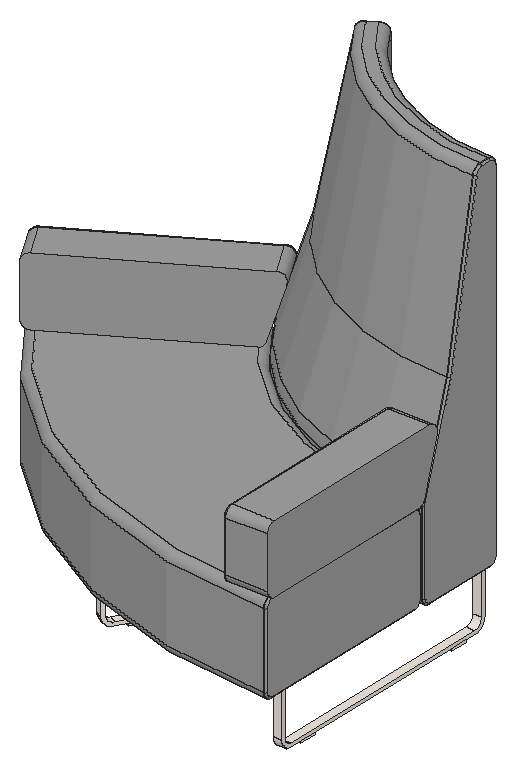
Revit family "Haworth_Riverbend_ConvexCurve60_EU_PRELIMINARY", category Furniture, Revit 2018
Family settings
  OmniClass Number = 23.40.70.14.64.21
  OmniClass Title = Systems Furniture
  Work Plane-Based = No
  Always vertical = Yes
  Cut with Voids When Loaded = No
  Shared = No
  Room Calculation Point = No
Parameters (values of type "126 x 93 x 148 - High Back")
  Without Arms [instance] = not(or(Left Arm, Right Arm))  # no
  With Arms [instance] = not(Without Arms)  # yes
  Width Straight Edge = if(Small, 87 cm, 93 cm)  # 93 cm
  Warranty = "http://www.haworth.com/resources/product-info/warranties"
  URL - Product = "https://www.haworth.com/eu/en/products/sofas-armchairs/riverbend-pebble.html"
  Two Arms [instance] = and(Left Arm, Right Arm)  # yes
  Trim Finish = Haworth _ Paint _ Plaster
  Small = no
  Seat Upholstery Finish [instance] = Haworth _ Fabric _ Tellure _ Steel 3A-39
  Right Arm [instance] = yes
  Mid Back = not(High Back)  # no
  Model = "SELSVX6F"  # constant formula
  Left Arm [instance] = yes
  Large = not(Small)  # yes
  High Back = yes
  Description = "Haworth - Riverbend - Convex Curve - 60 Degree"  # constant formula
  URL = "https://www.haworth.com/eu/en.html"
  Size = "Verify Final Dim. w/ Haworth"  # constant formula
  Revision Number = "1"  # constant formula
  Manufacturer = "Haworth"  # constant formula
  Back Upholstery Finish [instance] = Haworth _ Fabric _ Tellure _ Steel 3A-39
  Author = "Haworth (Bentzen, Abd Rahman)"  # constant formula
  Assembly Code = "E2020200"
  Arm Finish [instance] = Haworth _ Fabric _ Tellure _ Steel 3A-39
  Actual Width = 148 cm  # constant formula
  Actual Height = 45 cm  # constant formula
  Actual Depth = if(Small, 87 cm, 93 cm)  # 93 cm
Reference planes (cm)
  plane 1 "Bottom": z = 0
  plane 2 "Top": z = 45
  plane 3 "Top - Bottom of Chamfer Edge": z = 44.365
  plane 4 "Frame Bottom": z = 17.695
  plane 5 "Bottom - Top of Chamfer Edge": z = 18.33
  plane 6 "Leg Bracket - Bottom": z = 17.06
  plane 7 "Leg Bottom - Top of Bottom": z = 1.5875
  plane 8 "Foot - Top of Foot": z = 0.635
  plane 9: through (28.1957, 88.0204, 121.92) normal (-0.5, -0.866, 0)
  plane 10 "Right": x = 80.9007
  plane 11: through (21.969, 145.7635, 121.92) normal (0.5, -0.866, 0)
  plane 12: through (4.9457, 47.7502, 121.92) normal (-0.5, -0.866, 0)
  plane 13: y = 28.3483
  plane 14: through (80.9207, 179.3429, 121.92) normal (0.7071, -0.7071, 0)
  plane 15: z = 43.18
  plane 16: y = 121.3483
  plane 17: y = 111.5333
  plane 18 "revolve_origin": x = 80.2657
  plane 19 "revolve_axis": y = 178.6878
  plane 20: through (22.6581, 145.4281, 121.92) normal (-0.866, -0.5, 0)
  plane 21: y = 145.4281
  plane 22: through (51.4619, 128.7982, 121.92) normal (0.866, -0.5, 0)
  plane 23: through (-49.9322, 103.5181, 121.92) normal (0.5, -0.866, 0)
  plane 24: through (47.0061, 121.0806, 121.92) normal (-0.5, -0.866, 0)
  plane 25: through (77.1079, 25.8983, 121.92) normal (0.866, -0.5, 0)
  plane 26: through (-51.0639, 99.8983, 121.92) normal (0.866, -0.5, 0)
  plane 27: through (174.4294, 57.2859, 121.92) normal (-0.5, -0.866, 0)
  plane 28: y = 56.0849
  plane 29: through (31.8199, 125.2542, 121.92) normal (0.5, 0.866, 0)
  plane 30: through (43.0396, 120.2429, 121.92) normal (0.866, -0.5, 0)
  plane 31 "revolve_origin_convex": x = 80.2657
  plane 32: through (-50.2497, 104.068, 121.92) normal (-0.866, -0.5, 0)
Lines and regions (cm)
  Masking region 1
    outline origin (0, 0, 45) x (1, 0, 0) y (0, 1, 0)
      loop
        line (80.9007, 28.3483) -> (80.9007, 112.1683)
        arc (80.9007, 112.1683) -> (47.0061, 121.0806) -> (22.3406, 145.978) r 66.5439
        line (22.3406, 145.978) -> (-50.2497, 104.068)
        arc (-50.2497, 104.068) -> (5.128, 48.5456) -> (80.9007, 28.3483) r 150.7586
  symbolic lines, style "Haworth"
    curve 1: arc (-1.2844, 132.7041, 45) -> (33.3179, 97.6889, 45) -> (80.9007, 85.0688, 45) r 93.6211
Dimensions and locks (cm)
  locked: plane 2 "Top" to plane 3 "Top - Bottom of Chamfer Edge" at 0.635
  plane 5 "Bottom - Top of Chamfer Edge" to plane 4 "Frame Bottom" to plane 6 "Leg Bracket - Bottom" = 0.635 cm locked, 0.635 cm locked
  plane 2 "Top" to plane 4 "Frame Bottom" = 27.305 cm
  "Actual Height": plane 2 "Top" to plane 1 "Bottom"
  plane 2 "Top" to plane 1 "Bottom" = 45 cm
  "Actual Width": plane 25 to plane 26
  "Actual Depth": plane 12 to plane 27
  equal spacing: plane 12, plane 9, plane 27
  "Actual Depth": plane 16 to plane 13
  aligned and locked: plane 4 "Frame Bottom" to nested 2
  aligned and locked: plane 4 "Frame Bottom" to nested 4
  aligned and locked: plane 4 "Frame Bottom" to nested 3
  aligned and locked: plane 22 to nested 1
  aligned and locked: nested 1 to level
  aligned and locked: nested 4 to curve 1
  aligned and locked: plane 10 "Right" to curve 1
  aligned and locked: nested 5 to nested 3
  aligned and locked: nested 5 to plane 2 "Top"
  aligned and locked: nested 6 to nested 3
  aligned and locked: nested 5 to plane 10 "Right"
  aligned and locked: nested 7 to plane 10 "Right"
  aligned and locked: nested 7 to plane 2 "Top"
Automatic sketch dimensions
  plane 11 to Masking region 1 sketch curve = 0 cm  (x2)
  plane 32 to Masking region 1 sketch curve = 0 cm
  plane 20 to Masking region 1 sketch curve = 0 cm
  plane 22 to Masking region 1 sketch curve = 0 cm  (x2)
  Masking region 1 sketch curve to plane 10 "Right" = 0 cm
  plane 18 "revolve_origin" to Masking region 1 sketch curve = 0.0124 cm
  plane 18 "revolve_origin" to Masking region 1 sketch curve = 0.2417 cm
  curve 1 to plane 14 = 0 cm
  curve 1 to plane 18 "revolve_origin" = 0 cm
  plane 16 to curve 1 = 11.3558 cm
Nested families (cm)
  nested 1: "Haworth_Riverbend_Bench60_Base-PART" at (30.8215, 95.4104, 0) x (-1, 0, 0) z (0, 0, 1), Trim Finish <- "Trim Finish", type "Base - PART"
    with Trim Finish Haworth _ Paint _ Plaster, Actual Depth 93 cm
  nested 2: "Haworth_Riverbend_ConvexBench60_Large_Seat-PART" at (-0.86, -0.3245, -0.72), Seat Upholstery Finish <- "Seat Upholstery Finish", visible <- "Large", type "Seat Large - PART"
    with Seat Upholstery Finish Haworth _ Fabric _ Tellure _ Steel 3A-39
  nested 3: "Haworth_Riverbend_ConvexBench60_Back-PART" at (0, 0.3713, -0.72), Back Upholstery Finish <- "Back Upholstery Finish", type "Back - PART"
    with Back Upholstery Finish Haworth _ Fabric _ Tellure _ Steel 3A-39, Mid Back no, High Back yes
  nested 4: "Haworth_Riverbend_ConvexBench60_Small_Seat-PART" at (-0.5335, 0.058, -0.72), Seat Upholstery Finish <- "Seat Upholstery Finish", visible <- "Small", type "Seat Small - PART"
    with Seat Upholstery Finish Haworth _ Fabric _ Tellure _ Steel 3A-39
  nested 5: "Haworth_Riverbend_Arm-PART" at (123.9307, 54.583, 0), Arm Finish <- "Arm Finish", 85D <- "Large", visible <- "Right Arm", type "Arm - PART"
    with Arm Finish Haworth _ Fabric _ Tellure _ Steel 3A-39, 85D yes, 79D no, Actual Height 45 cm
  nested 6: "Haworth_Riverbend_Arm-PART" at (0.5119, 68.2977, 0) x (0.5, -0.866, 0) z (0, 0, 1), 85D <- "Large", visible <- "Left Arm", Arm Finish <- "Arm Finish", type "Arm - PART"
    with Arm Finish Haworth _ Fabric _ Tellure _ Steel 3A-39, 85D yes, 79D no, Actual Height 45 cm
  nested 7: "Haworth_Riverbend_Arm-PART" at (123.9307, 59.4968, 0), Arm Finish <- "Arm Finish", 79D <- "Small", visible <- "Right Arm", type "Arm - PART"
    with Arm Finish Haworth _ Fabric _ Tellure _ Steel 3A-39, 85D no, 79D no, Actual Height 45 cm
  nested 8: "Haworth_Riverbend_Arm-PART" at (4.3429, 71.6363, 0) x (0.5, -0.866, 0) z (0, 0, 1), Arm Finish <- "Arm Finish", 79D <- "Small", visible <- "Left Arm", type "Arm - PART"
    with Arm Finish Haworth _ Fabric _ Tellure _ Steel 3A-39, 85D no, 79D no, Actual Height 45 cm
Definition of nested family "Haworth_Riverbend_Bench60_Base-PART"
  Parameters (values of type "Base - PART")
    Width Straight Edge = 83.82 cm  # constant formula
    Warranty = "http://www.haworth.com/resources/product-info/warranties"
    URL - Product = "http://www.haworth.com/products/seating/sofas/riverbend-pebble"
    Trim Finish [instance] = none
    Model = "Haworth - Riverbend"  # constant formula
    Description = "Haworth - Riverbend - Bench 60 Degree - Base - PART"  # constant formula
    URL = "http://www.haworth.com"
    Size = "Verify Final Dim. w/ Haworth"  # constant formula
    Revision Number = "1"  # constant formula
    Manufacturer = "Haworth"  # constant formula
    Author = "Haworth (Bentzen, Abd Rahman)"  # constant formula
    Assembly Code = "E2020200"
    Actual Width = 148 cm  # constant formula
    Actual Height = 45 cm
    Actual Depth = 83.82 cm
  Reference planes (cm)
    plane 1 "Bottom": z = 0
    plane 2 "Top": z = 45
    plane 3 "Top - Bottom of Chamfer Edge": z = 44.365
    plane 4 "Frame Bottom": z = 17.695
    plane 5 "Bottom - Top of Chamfer Edge": z = 18.33
    plane 6 "Leg Bracket - Bottom": z = 17.06
    plane 7 "Leg Bottom - Top of Bottom": z = 1.5875
    plane 8 "Foot - Top of Foot": z = 0.635
    plane 9: through (-4.4745, -4.9082, 121.92) normal (0.5, 0.866, 0)
    plane 10: x = -52.1282
    plane 11: through (6.8034, -53.9021, 121.92) normal (-0.5, 0.866, 0)
    plane 12: through (23.4368, 43.4356, 121.92) normal (0.5, 0.866, 0)
    plane 13: y = 63.5131
    plane 14: through (-52.1483, -87.4815, 121.92) normal (-0.7071, 0.7071, 0)
    plane 15: z = 43.18
    plane 16: y = -20.3069
    plane 17: y = -19.6719
    plane 18 "revolve_origin": x = -51.4932
    plane 19 "revolve_axis": y = -86.8265
    plane 20: through (78.7046, -11.6567, 121.92) normal (0.866, 0.5, 0)
    plane 21: through (6.1144, -53.5667, 121.92) normal (0.866, 0.5, 0)
    plane 22: y = -53.5667
    plane 23: through (-22.6894, -36.9368, 121.92) normal (-0.866, 0.5, 0)
    plane 24: through (78.7046, -11.6567, 121.92) normal (-0.5, 0.866, 0)
    plane 25: through (-18.2336, -29.2192, 121.92) normal (0.5, 0.866, 0)
    plane 26: through (-48.3354, 65.963, 121.92) normal (-0.866, 0.5, 0)
    plane 27: through (79.2475, -7.697, 121.92) normal (-0.866, 0.5, 0)
    plane 28: through (-145.2669, 35.2509, 121.92) normal (0.5, 0.866, 0)
    plane 29: y = 35.7765
  Forms (cm)
    Extrusion 1, solid, material <- "Trim Finish"
      sketch origin (46.2096, -35.654, 0) x (-0.866025, -0.5, 0) y (0, 0, 1)
        loop
          line (-36.5606, 17.06) -> (-36.5606, 3.81)
          arc (-36.5606, 3.81) -> (-35.6307, 1.5649) -> (-33.3856, 0.635) r 3.175
          line (-33.3856, 0.635) -> (35.7542, 0.635)
          arc (35.7542, 0.635) -> (37.9993, 1.5649) -> (38.9292, 3.81) r 3.175
          line (38.9292, 3.81) -> (38.9292, 17.06) -> (37.9761, 17.06) -> (37.9761, 4.1275)
          arc (37.9761, 4.1275) -> (37.2321, 2.3314) -> (35.4361, 1.5875) r 2.54
          line (35.4361, 1.5875) -> (-33.0681, 1.5875)
          arc (-33.0681, 1.5875) -> (-34.8642, 2.3314) -> (-35.6081, 4.1275) r 2.54
          line (-35.6081, 4.1275) -> (-35.6081, 17.06) -> (-36.5606, 17.06)
      from 8.74 to 11.28
    Extrusion 2, solid, material <- "Trim Finish"
      sketch origin (148.316, 29.7823, 45.72) x (-0.5, 0.866025, 0) y (-0.866025, -0.5, 0)
        loop
          line (3.1238, 91.5768) -> (5.6637, 91.5768) -> (5.6637, 96.6568) -> (3.1238, 96.6568) -> (3.1238, 91.5768)
      from -45.72 to -45.085
    Extrusion 3, solid, material <- "Trim Finish"
      sketch origin (153.3414, 32.6837, 45.72) x (-0.5, 0.866025, 0) y (-0.866025, -0.5, 0)
        loop
          line (3.1238, 158.8838) -> (3.1238, 153.8038) -> (5.6637, 153.8038) -> (5.6637, 158.8838) -> (3.1238, 158.8838)
      from -45.72 to -45.085
    Extrusion 4, solid, material <- "Trim Finish"
      sketch origin (148.316, 29.7823, 45.72) x (-0.5, 0.866025, 0) y (-0.866025, -0.5, 0)
        loop
          line (2.0735, 84.5843) -> (8.106, 84.5843) -> (8.106, 90.6168) -> (2.0735, 90.6168) -> (2.0735, 84.5843)
      from -28.66 to -28.025
    Extrusion 5, solid, material <- "Trim Finish"
      sketch origin (197.2532, 58.0362, 45.72) x (-0.5, 0.866025, 0) y (-0.866025, -0.5, 0)
        loop
          line (2.0735, 216.5819) -> (2.0735, 210.5488) -> (8.106, 210.5488) -> (8.106, 216.5819) -> (2.0735, 216.5819)
      from -28.66 to -28.025
    Extrusion 6, solid, material <- "Trim Finish"
      sketch origin (-56.4433, 23.6127, 0) x (0, -1, 0) y (0, 0, -1)
        loop
          line (-35.9214, -17.06) -> (-34.9689, -17.06) -> (-34.9689, -4.1275)
          arc (-34.9689, -4.1275) -> (-34.225, -2.3314) -> (-32.4289, -1.5875) r 2.54
          line (-32.4289, -1.5875) -> (35.4361, -1.5875)
          arc (35.4361, -1.5875) -> (37.2321, -2.3314) -> (37.9761, -4.1275) r 2.54
          line (37.9761, -4.1275) -> (37.9761, -17.06) -> (38.9292, -17.06) -> (38.9292, -3.81)
          arc (38.9292, -3.81) -> (37.9993, -1.5649) -> (35.7542, -0.635) r 3.175
          line (35.7542, -0.635) -> (-32.7464, -0.635)
          arc (-32.7464, -0.635) -> (-34.9915, -1.5649) -> (-35.9214, -3.81) r 3.175
          line (-35.9214, -3.81) -> (-35.9214, -17.06)
      from 8.74 to 11.28
    Extrusion 7, solid, material <- "Trim Finish"
      sketch origin (-50.827, 144.7576, 45.72) x (1, 0, 0) y (0, 1, 0)
        loop
          line (3.1238, -92.216) -> (3.1238, -97.296) -> (5.6637, -97.296) -> (5.6637, -92.216) -> (3.1238, -92.216)
      from -45.72 to -45.085
    Extrusion 8, solid, material <- "Trim Finish"
      sketch origin (-50.827, 150.5604, 45.72) x (1, 0, 0) y (0, 1, 0)
        loop
          line (3.1238, -158.8838) -> (5.6637, -158.8838) -> (5.6637, -153.8038) -> (3.1238, -153.8038) -> (3.1238, -158.8838)
      from -45.72 to -45.085
    Extrusion 9, solid, material <- "Trim Finish"
      sketch origin (-50.827, 144.7576, 45.72) x (1, 0, 0) y (0, 1, 0)
        loop
          line (3.1238, -85.2235) -> (3.1238, -91.256) -> (9.1562, -91.256) -> (9.1562, -85.2235) -> (3.1238, -85.2235)
      from -28.66 to -28.025
    Extrusion 10, solid, material <- "Trim Finish"
      sketch origin (-50.827, 201.2654, 45.72) x (1, 0, 0) y (0, 1, 0)
        loop
          line (3.1238, -216.5819) -> (9.1562, -216.5819) -> (9.1562, -210.5488) -> (3.1238, -210.5488) -> (3.1238, -216.5819)
      from -28.66 to -28.025
    Extrusion 11, solid, material <- "Trim Finish"
      sketch origin (16.1977, 48.3771, 0) x (-0.5, -0.866025, 0) y (0, 0, -1)
        loop
          line (4.6386, -17.06) -> (5.5911, -17.06) -> (5.5911, -4.1275)
          arc (5.5911, -4.1275) -> (6.335, -2.3314) -> (8.1311, -1.5875) r 2.54
          line (8.1311, -1.5875) -> (35.4361, -1.5875)
          arc (35.4361, -1.5875) -> (37.2321, -2.3314) -> (37.9761, -4.1275) r 2.54
          line (37.9761, -4.1275) -> (37.9761, -17.06) -> (38.9286, -17.06) -> (38.9286, -3.81)
          arc (38.9286, -3.81) -> (37.9987, -1.5649) -> (35.7536, -0.635) r 3.175
          line (35.7536, -0.635) -> (7.8136, -0.635)
          arc (7.8136, -0.635) -> (5.5685, -1.5649) -> (4.6386, -3.81) r 3.175
          line (4.6386, -3.81) -> (4.6386, -17.06)
      from 8.74 to 11.28
    Extrusion 12, solid, material <- "Trim Finish"
      sketch origin (61.354, 115.3576, 45.72) x (0.866025, -0.5, 0) y (0.5, 0.866025, 0)
        loop
          line (3.1238, -92.216) -> (3.1238, -97.296) -> (5.6637, -97.296) -> (5.6637, -92.216) -> (3.1238, -92.216)
      from -45.72 to -45.085
    Extrusion 13, solid, material <- "Trim Finish"
      sketch origin (84.5354, 155.5089, 45.72) x (0.866025, -0.5, 0) y (0.5, 0.866025, 0)
        loop
          line (3.1238, -158.8838) -> (5.6637, -158.8838) -> (5.6637, -153.8038) -> (3.1238, -153.8038) -> (3.1238, -158.8838)
      from -45.72 to -45.085
    Extrusion 14, solid, material <- "Trim Finish"
      sketch origin (61.354, 115.3576, 45.72) x (0.866025, -0.5, 0) y (0.5, 0.866025, 0)
        loop
          line (3.1238, -85.2235) -> (3.1238, -91.256) -> (9.1562, -91.256) -> (9.1562, -85.2235) -> (3.1238, -85.2235)
      from -28.66 to -28.025
    Extrusion 15, solid, material <- "Trim Finish"
      sketch origin (109.8879, 199.4208, 45.72) x (0.866025, -0.5, 0) y (0.5, 0.866025, 0)
        loop
          line (3.1238, -216.5813) -> (9.1562, -216.5813) -> (9.1562, -210.5488) -> (3.1238, -210.5488) -> (3.1238, -216.5813)
      from -28.66 to -28.025
  Lines and regions (cm)
    Masking region 1
      outline origin (0, 0, 45) x (-1, 0, 0) y (0, -1, 0)
        loop
          line (45.1633, 11.8234) -> (45.1633, -56.0416) -> (47.7033, -56.0416) -> (47.7033, 11.8234) -> (45.1633, 11.8234)
        loop
          line (-8.2484, -12.0486) -> (-21.9009, -35.6954) -> (-19.7012, -36.9654) -> (-6.0487, -13.3186) -> (-8.2484, -12.0486)
        loop
          line (-69.2075, 9.3512) -> (-9.8811, 43.6033) -> (-11.1511, 45.803) -> (-70.4775, 11.5509) -> (-69.2075, 9.3512)
  Dimensions and locks (cm)
    locked: plane 2 "Top" to plane 3 "Top - Bottom of Chamfer Edge" at 0.635
    plane 2 "Top" to plane 4 "Frame Bottom" = 27.305 cm
    "Actual Height": plane 2 "Top" to plane 1 "Bottom"
    plane 2 "Top" to plane 1 "Bottom" = 45 cm
    Extrusion 1 sketch curve to Extrusion 1 sketch curve = 0.9525 cm  (x2)
    Extrusion 1 sketch curve to Extrusion 1 sketch curve = 0.9531 cm
    Extrusion 6 sketch curve to Extrusion 6 sketch curve = 0.9525 cm  (x2)
    Extrusion 6 sketch curve to Extrusion 6 sketch curve = 0.9531 cm
    Extrusion 11 sketch curve to Extrusion 11 sketch curve = 0.9525 cm  (x3)
    plane 26 to plane 27 = 147.32 cm
    plane 12 to plane 28 = 91.44 cm
    "Actual Depth": plane 16 to plane 13
    plane 5 "Bottom - Top of Chamfer Edge" to plane 4 "Frame Bottom" to plane 6 "Leg Bracket - Bottom" = 0.635 cm locked, 0.635 cm locked
    aligned and locked: Extrusion 3 to plane 1 "Bottom"
    aligned and locked: Extrusion 3 to plane 8 "Foot - Top of Foot"
    aligned and locked: Extrusion 2 to plane 8 "Foot - Top of Foot"
    aligned and locked: Extrusion 2 to plane 1 "Bottom"
    aligned and locked: plane 6 "Leg Bracket - Bottom" to Extrusion 1  (x2)
    aligned and locked: Extrusion 1 to plane 7 "Leg Bottom - Top of Bottom"
    aligned and locked: plane 8 "Foot - Top of Foot" to Extrusion 1
    aligned and locked: Extrusion 5 to plane 6 "Leg Bracket - Bottom"
    aligned and locked: plane 4 "Frame Bottom" to Extrusion 5
    aligned and locked: Extrusion 4 to plane 6 "Leg Bracket - Bottom"
    aligned and locked: plane 4 "Frame Bottom" to Extrusion 4
    aligned and locked: Extrusion 10 to plane 6 "Leg Bracket - Bottom"
    aligned and locked: plane 4 "Frame Bottom" to Extrusion 10
    aligned and locked: Extrusion 9 to plane 6 "Leg Bracket - Bottom"
    aligned and locked: plane 4 "Frame Bottom" to Extrusion 9
    aligned and locked: Extrusion 15 to plane 6 "Leg Bracket - Bottom"
    aligned and locked: plane 4 "Frame Bottom" to Extrusion 15
    aligned and locked: Extrusion 14 to plane 6 "Leg Bracket - Bottom"
    aligned and locked: plane 4 "Frame Bottom" to Extrusion 14
  Automatic sketch dimensions
    plane 6 "Leg Bracket - Bottom" to Extrusion 1 sketch curve = 0 cm  (x2)
    Extrusion 1 sketch curve to plane 8 "Foot - Top of Foot" = 0 cm
    Extrusion 1 sketch curve to plane 7 "Leg Bottom - Top of Bottom" = 2.2225 cm
    Extrusion 1 sketch curve to plane 20 = 3.5795 cm
    Extrusion 1 sketch curve to Extrusion 1 sketch curve = 0.3175 cm
    Extrusion 1 sketch curve to plane 7 "Leg Bottom - Top of Bottom" = 2.54 cm
    plane 21 to Extrusion 1 sketch curve = 8.2437 cm
    Extrusion 1 sketch curve to Extrusion 1 sketch curve = 0.3181 cm
    Extrusion 2 sketch curve to plane 24 = 4.2052 cm
    Extrusion 2 sketch curve to Extrusion 2 sketch curve = 2.54 cm
    Extrusion 2 sketch curve to plane 20 = 10.572 cm
    Extrusion 2 sketch curve to Extrusion 2 sketch curve = 5.08 cm
    Extrusion 3 sketch curve to plane 24 = 4.2052 cm
    Extrusion 3 sketch curve to Extrusion 3 sketch curve = 2.54 cm
    plane 21 to Extrusion 3 sketch curve = 16.8237 cm
    Extrusion 3 sketch curve to Extrusion 3 sketch curve = 5.08 cm
    Extrusion 4 sketch curve to plane 24 = 3.155 cm
    Extrusion 4 sketch curve to Extrusion 4 sketch curve = 6.0325 cm  (x2)
    Extrusion 4 sketch curve to plane 20 = 3.5795 cm
    Extrusion 5 sketch curve to plane 24 = 3.155 cm
    Extrusion 5 sketch curve to Extrusion 5 sketch curve = 6.0325 cm
    plane 21 to Extrusion 5 sketch curve = 10.7837 cm
    plane 21 to Extrusion 5 sketch curve = 4.7506 cm
    Extrusion 6 sketch curve to plane 6 "Leg Bracket - Bottom" = 0 cm  (x2)
    plane 8 "Foot - Top of Foot" to Extrusion 6 sketch curve = 0 cm
    Extrusion 6 sketch curve to plane 7 "Leg Bottom - Top of Bottom" = 2.2225 cm
    plane 13 to Extrusion 6 sketch curve = 3.979 cm
    Extrusion 6 sketch curve to Extrusion 6 sketch curve = 0.3175 cm
    Extrusion 6 sketch curve to plane 7 "Leg Bottom - Top of Bottom" = 2.54 cm
    Extrusion 6 sketch curve to plane 17 = 7.8485 cm
    Extrusion 6 sketch curve to Extrusion 6 sketch curve = 0.3181 cm
    Extrusion 7 sketch curve to plane 18 "revolve_origin" = 3.79 cm
    Extrusion 7 sketch curve to Extrusion 7 sketch curve = 2.54 cm
    Extrusion 7 sketch curve to plane 29 = 11.6851 cm
    Extrusion 7 sketch curve to Extrusion 7 sketch curve = 5.08 cm
    Extrusion 8 sketch curve to plane 18 "revolve_origin" = 3.79 cm
    Extrusion 8 sketch curve to Extrusion 8 sketch curve = 2.54 cm
    Extrusion 8 sketch curve to plane 17 = 11.3485 cm
    Extrusion 8 sketch curve to Extrusion 8 sketch curve = 5.08 cm
    Extrusion 9 sketch curve to plane 18 "revolve_origin" = 3.79 cm
    Extrusion 9 sketch curve to Extrusion 9 sketch curve = 6.0325 cm
    plane 13 to Extrusion 9 sketch curve = 10.0115 cm
    plane 13 to Extrusion 9 sketch curve = 3.979 cm
    Extrusion 10 sketch curve to plane 18 "revolve_origin" = 3.79 cm
    Extrusion 10 sketch curve to Extrusion 10 sketch curve = 6.0325 cm
    Extrusion 10 sketch curve to plane 17 = 4.3554 cm
    Extrusion 10 sketch curve to Extrusion 10 sketch curve = 6.0331 cm
    Extrusion 11 sketch curve to plane 6 "Leg Bracket - Bottom" = 0 cm  (x2)
    plane 8 "Foot - Top of Foot" to Extrusion 11 sketch curve = 0 cm
    Extrusion 11 sketch curve to plane 7 "Leg Bottom - Top of Bottom" = 2.2225 cm
    Extrusion 11 sketch curve to plane 12 = 3.9787 cm
    Extrusion 11 sketch curve to Extrusion 11 sketch curve = 0.3175 cm  (x2)
    Extrusion 11 sketch curve to plane 7 "Leg Bottom - Top of Bottom" = 2.54 cm
    plane 9 to Extrusion 11 sketch curve = 21.0465 cm
    plane 23 to Extrusion 12 sketch curve = 0.2398 cm
    Extrusion 12 sketch curve to plane 23 = 2.3002 cm
    Extrusion 12 sketch curve to plane 12 = 16.0512 cm
    Extrusion 12 sketch curve to Extrusion 12 sketch curve = 5.08 cm
    plane 23 to Extrusion 13 sketch curve = 0.2398 cm
    Extrusion 13 sketch curve to plane 23 = 2.3002 cm
    plane 9 to Extrusion 13 sketch curve = 24.5465 cm
    Extrusion 13 sketch curve to Extrusion 13 sketch curve = 5.08 cm
    plane 23 to Extrusion 14 sketch curve = 0.2398 cm
    Extrusion 14 sketch curve to plane 23 = 5.7927 cm
    Extrusion 14 sketch curve to plane 12 = 10.0112 cm
    Extrusion 14 sketch curve to plane 12 = 3.9787 cm
    plane 23 to Extrusion 15 sketch curve = 0.2398 cm
    Extrusion 15 sketch curve to plane 23 = 5.7927 cm
    plane 9 to Extrusion 15 sketch curve = 17.554 cm
    Extrusion 15 sketch curve to Extrusion 15 sketch curve = 6.0325 cm
    Masking region 1 sketch curve to plane 18 "revolve_origin" = 6.33 cm
    Masking region 1 sketch curve to Masking region 1 sketch curve = 2.54 cm
    plane 13 to Masking region 1 sketch curve = 7.4715 cm
    Masking region 1 sketch curve to plane 17 = 7.8485 cm
    plane 29 to Masking region 1 sketch curve = 22.4579 cm
    Masking region 1 sketch curve to Masking region 1 sketch curve = 51.212 cm
    plane 29 to Masking region 1 sketch curve = 23.7279 cm
    Masking region 1 sketch curve to Masking region 1 sketch curve = 2.1997 cm
    Masking region 1 sketch curve to plane 29 = 1.1889 cm
    Masking region 1 sketch curve to plane 17 = 10.3208 cm
    Masking region 1 sketch curve to Masking region 1 sketch curve = 60.959 cm
    Masking region 1 sketch curve to plane 17 = 8.1211 cm
    Masking region 1 sketch curve to Masking region 1 sketch curve = 1.27 cm
    plane 22 to Masking region 1 sketch curve = 7.7637 cm
Definition of nested family "Haworth_Riverbend_ConvexBench60_Large_Seat-PART"
  Parameters (values of type "Seat Large - PART")
    Width Straight Edge = 93 cm  # constant formula
    Warranty = "http://www.haworth.com/resources/product-info/warranties"
    URL - Product = "http://www.haworth.com/products/seating/sofas/riverbend-pebble"
    Seat Upholstery Finish [instance] = none
    Model = "Haworth - Riverbend"  # constant formula
    Description = "Haworth - Riverbend - Convex Bench - 60 Degree - Seat Large - PART"  # constant formula
    URL = "http://www.haworth.com"
    Size = "Verify Final Dim. w/ Haworth"  # constant formula
    Revision Number = "1"  # constant formula
    Manufacturer = "Haworth"  # constant formula
    Author = "Haworth (Bentzen, Abd Rahman)"  # constant formula
    Assembly Code = "E2020200"
    Actual Width = 148 cm  # constant formula
    Actual Height = 45.72 cm  # constant formula
    Actual Depth = 93 cm  # constant formula
  Reference planes (cm)
    plane 1 "Bottom": z = 0
    plane 2 "Top": z = 45.72
    plane 3 "Top - Bottom of Chamfer Edge": z = 45.085
    plane 4 "Frame Bottom": z = 18.415
    plane 5 "Bottom - Top of Chamfer Edge": z = 19.05
    plane 6 "Leg Bracket - Bottom": z = 17.78
    plane 7 "Leg Bottom - Top of Bottom": z = 1.5875
    plane 8 "Foot - Top of Foot": z = 0.635
    plane 9: through (28.1957, 88.0204, 121.92) normal (-0.5, -0.866, 0)
    plane 10 "Right": x = 80.9007
    plane 11: through (21.969, 145.7635, 121.92) normal (0.5, -0.866, 0)
    plane 12: through (4.9457, 47.7502, 121.92) normal (-0.5, -0.866, 0)
    plane 13: y = 28.3483
    plane 14: through (80.9207, 179.3429, 121.92) normal (0.7071, -0.7071, 0)
    plane 15: z = 43.18
    plane 16: y = 121.3483
    plane 17: y = 111.5333
    plane 18 "revolve_origin": x = 80.2657
    plane 19 "revolve_axis": y = 178.6878
    plane 20: through (22.6581, 145.4281, 121.92) normal (-0.866, -0.5, 0)
    plane 21: y = 145.4281
    plane 22: through (51.4619, 128.7982, 121.92) normal (0.866, -0.5, 0)
    plane 23: through (-49.9322, 103.5181, 121.92) normal (0.5, -0.866, 0)
    plane 24: through (47.0061, 121.0806, 121.92) normal (-0.5, -0.866, 0)
    plane 25: through (77.1079, 25.8983, 121.92) normal (0.866, -0.5, 0)
    plane 26: through (-51.0639, 99.8983, 121.92) normal (0.866, -0.5, 0)
    plane 27: through (174.4294, 57.2859, 121.92) normal (-0.5, -0.866, 0)
    plane 28: y = 56.0849
    plane 29: through (31.8199, 125.2542, 121.92) normal (0.5, 0.866, 0)
    plane 30: through (43.0396, 120.2429, 121.92) normal (0.866, -0.5, 0)
    plane 31 "revolve_origin_convex": x = 80.2657
    plane 32: through (-50.2497, 104.068, 121.92) normal (-0.866, -0.5, 0)
  Forms (cm)
    Blend 1, solid, material <- "Seat Upholstery Finish"
      base sketch origin (80.9007, 149.1563, 0) x (0, 1, 0) y (0, 0, 1)
        loop
          arc (-118.268, 45.085) -> (-119.615, 44.527) -> (-120.173, 43.18) r 1.905
          line (-120.173, 43.18) -> (-120.173, 20.955)
          arc (-120.173, 20.955) -> (-119.615, 19.608) -> (-118.268, 19.05) r 1.905
          line (-118.268, 19.05) -> (-65.848, 19.05)
          arc (-65.848, 19.05) -> (-64.501, 19.608) -> (-63.943, 20.955) r 1.905
          line (-63.943, 20.955) -> (-63.943, 43.18)
          arc (-63.943, 43.18) -> (-64.501, 44.527) -> (-65.848, 45.085) r 1.905
          line (-65.848, 45.085) -> (-118.268, 45.085)
      top sketch origin (80.9007, 149.1563, 0) x (0, 1, 0) y (0, 0, 1)
        loop
          arc (-118.268, 45.72) -> (-120.0641, 44.9761) -> (-120.808, 43.18) r 2.54
          line (-120.808, 43.18) -> (-120.808, 20.955)
          arc (-120.808, 20.955) -> (-120.0641, 19.1589) -> (-118.268, 18.415) r 2.54
          line (-118.268, 18.415) -> (-65.848, 18.415)
          arc (-65.848, 18.415) -> (-64.052, 19.1589) -> (-63.308, 20.955) r 2.54
          line (-63.308, 20.955) -> (-63.308, 43.18)
          arc (-63.308, 43.18) -> (-64.052, 44.9761) -> (-65.848, 45.72) r 2.54
          line (-65.848, 45.72) -> (-118.268, 45.72)
      from 0 to -0.635
    Revolve 2, solid, material <- "Seat Upholstery Finish"
      sketch origin (80.2657, 0, 0) x (0, -1, 0) y (0, 0, 1)
        loop
          arc (-83.3083, 45.72) -> (-85.1043, 44.9761) -> (-85.8483, 43.18) r 2.54
          line (-85.8483, 43.18) -> (-85.8483, 20.955)
          arc (-85.8483, 20.955) -> (-85.1043, 19.1589) -> (-83.3083, 18.415) r 2.54
          line (-83.3083, 18.415) -> (-30.8883, 18.415)
          arc (-30.8883, 18.415) -> (-29.0922, 19.1589) -> (-28.3483, 20.955) r 2.54
          line (-28.3483, 20.955) -> (-28.3483, 43.18)
          arc (-28.3483, 43.18) -> (-29.0922, 44.9761) -> (-30.8883, 45.72) r 2.54
          line (-30.8883, 45.72) -> (-83.3083, 45.72)
        axis (-178.6878, 45.72) -> (-178.6878, 18.415)
      angle from 0 to -60
    Blend 3, solid, material <- "Seat Upholstery Finish"
      base sketch origin (54.3731, 164.472, 0) x (0.866025, 0.5, 0) y (0, 0, -1)
        loop
          line (-118.268, -45.085) -> (-65.848, -45.085)
          arc (-65.848, -45.085) -> (-64.501, -44.527) -> (-63.943, -43.18) r 1.905
          line (-63.943, -43.18) -> (-63.943, -20.955)
          arc (-63.943, -20.955) -> (-64.501, -19.608) -> (-65.848, -19.05) r 1.905
          line (-65.848, -19.05) -> (-118.268, -19.05)
          arc (-118.268, -19.05) -> (-119.615, -19.608) -> (-120.173, -20.955) r 1.905
          line (-120.173, -20.955) -> (-120.173, -43.18)
          arc (-120.173, -43.18) -> (-119.615, -44.527) -> (-118.268, -45.085) r 1.905
      top sketch origin (54.3731, 164.472, 0) x (0.866025, 0.5, 0) y (0, 0, -1)
        loop
          line (-118.268, -45.72) -> (-65.848, -45.72)
          arc (-65.848, -45.72) -> (-64.052, -44.9761) -> (-63.308, -43.18) r 2.54
          line (-63.308, -43.18) -> (-63.308, -20.955)
          arc (-63.308, -20.955) -> (-64.052, -19.1589) -> (-65.848, -18.415) r 2.54
          line (-65.848, -18.415) -> (-118.268, -18.415)
          arc (-118.268, -18.415) -> (-120.0641, -19.1589) -> (-120.808, -20.955) r 2.54
          line (-120.808, -20.955) -> (-120.808, -43.18)
          arc (-120.808, -43.18) -> (-120.0641, -44.9761) -> (-118.268, -45.72) r 2.54
      from 0 to -0.635
  Lines and regions (cm)
    Masking region 1
      outline origin (0, 0, 45.72) x (1, 0, 0) y (0, 1, 0)
        loop
          line (80.9007, 28.3483) -> (80.9007, 85.2133)
          arc (80.9007, 85.2133) -> (33.946, 98.4598) -> (-1.0031, 132.5005) r 99.1296
          line (-1.0031, 132.5005) -> (-50.2497, 104.068)
          arc (-50.2497, 104.068) -> (5.128, 48.5456) -> (80.9007, 28.3483) r 150.7586
  Dimensions and locks (cm)
    locked: plane 2 "Top" to plane 3 "Top - Bottom of Chamfer Edge" at 0.635
    locked: plane 5 "Bottom - Top of Chamfer Edge" to plane 4 "Frame Bottom" at 0.635
    plane 2 "Top" to plane 4 "Frame Bottom" = 27.305 cm
    "Actual Height": plane 2 "Top" to plane 1 "Bottom"
    plane 2 "Top" to plane 1 "Bottom" = 45.72 cm
    "Actual Width": plane 25 to plane 26
    "Actual Depth": plane 12 to plane 27
    equal spacing: plane 12, plane 9, plane 27
    "Actual Depth": plane 16 to plane 13
  Automatic sketch dimensions
    Blend 1 sketch curve to plane 15 = 0 cm  (x4)
    Blend 1 sketch curve to plane 3 "Top - Bottom of Chamfer Edge" = 0 cm
    Blend 1 sketch curve to plane 5 "Bottom - Top of Chamfer Edge" = 0 cm
    plane 13 to Blend 1 sketch curve = 0.635 cm
    plane 13 to Blend 1 sketch curve = 2.54 cm  (x2)
    plane 5 "Bottom - Top of Chamfer Edge" to Blend 1 sketch curve = 1.905 cm
    plane 28 to Blend 1 sketch curve = 27.2234 cm  (x2)
    Blend 1 sketch curve to plane 13 = 0 cm
    Blend 1 sketch curve to plane 4 "Frame Bottom" = 0 cm
    Blend 1 sketch curve to plane 2 "Top" = 0 cm
    Blend 1 sketch curve to Blend 1 sketch curve = 2.54 cm
    Revolve 2 sketch curve to plane 19 "revolve_axis" = 0 cm
    plane 15 to Revolve 2 sketch curve = 0 cm  (x2)
    Revolve 2 sketch curve to plane 2 "Top" = 0 cm
    Revolve 2 sketch curve to plane 4 "Frame Bottom" = 0 cm
    Revolve 2 sketch curve to plane 13 = 0 cm
    plane 5 "Bottom - Top of Chamfer Edge" to Revolve 2 sketch curve = 1.905 cm
    Revolve 2 sketch curve to plane 17 = 25.685 cm
    plane 13 to Revolve 2 sketch curve = 2.54 cm
    plane 2 "Top" to Revolve 2 sketch curve = 12.7 cm
    Revolve 2 sketch curve to Revolve 2 sketch curve = 45.72 cm
    plane 15 to Blend 3 sketch curve = 0 cm  (x4)
    plane 3 "Top - Bottom of Chamfer Edge" to Blend 3 sketch curve = 0 cm
    plane 5 "Bottom - Top of Chamfer Edge" to Blend 3 sketch curve = 0 cm
    Blend 3 sketch curve to plane 32 = 0.635 cm
    Blend 3 sketch curve to plane 32 = 2.54 cm  (x2)
    plane 5 "Bottom - Top of Chamfer Edge" to Blend 3 sketch curve = 1.905 cm
    plane 20 to Blend 3 sketch curve = 28.86 cm  (x2)
    Blend 3 sketch curve to plane 32 = 0 cm
    plane 4 "Frame Bottom" to Blend 3 sketch curve = 0 cm
    plane 2 "Top" to Blend 3 sketch curve = 0 cm
    Blend 3 sketch curve to Blend 3 sketch curve = 2.54 cm
    plane 11 to Masking region 1 sketch curve = 0 cm  (x2)
    plane 32 to Masking region 1 sketch curve = 0 cm
    plane 22 to Masking region 1 sketch curve = 0 cm  (x2)
    Masking region 1 sketch curve to plane 10 "Right" = 0 cm
    plane 21 to Masking region 1 sketch curve = 12.9276 cm
    plane 18 "revolve_origin" to Masking region 1 sketch curve = 0.2417 cm
    Masking region 1 sketch curve to plane 10 "Right" = 2.6101 cm
Definition of nested family "Haworth_Riverbend_ConvexBench60_Back-PART"
  Parameters (values of type "Back - PART")
    Width Straight Edge = Actual Depth  # 83.82 cm
    Warranty = "http://www.haworth.com/resources/product-info/warranties"
    URL - Product = "http://www.haworth.com/products/seating/sofas/riverbend-pebble"
    Mid Back = yes
    Model = "Haworth - Riverbend"  # constant formula
    High Back = no
    Description = "Haworth - Riverbend - Convex Bench - 60 Degree - Back - PART"  # constant formula
    URL = "http://www.haworth.com"
    Size = "Verify Final Dim. w/ Haworth"  # constant formula
    Revision Number = "1"  # constant formula
    Manufacturer = "Haworth"  # constant formula
    Back Upholstery Finish [instance] = none
    Author = "Haworth (Bentzen, Abd Rahman)"  # constant formula
    Assembly Code = "E2020200"
    Actual Width = 148 cm  # constant formula
    Actual Height = 45.72 cm  # constant formula
    Actual Depth = 83.82 cm
  Reference planes (cm)
    plane 1 "Bottom": z = 0
    plane 2 "Top": z = 45.72
    plane 3 "Top - Bottom of Chamfer Edge": z = 45.085
    plane 4 "Frame Bottom": z = 18.415
    plane 5 "Bottom - Top of Chamfer Edge": z = 19.05
    plane 6 "Leg Bracket - Bottom": z = 17.78
    plane 7 "Leg Bottom - Top of Bottom": z = 1.5875
    plane 8 "Foot - Top of Foot": z = 0.635
    plane 9: through (28.1957, 88.0204, 121.92) normal (-0.5, -0.866, 0)
    plane 10 "Right": x = 80.9007
    plane 11: through (21.969, 145.7635, 121.92) normal (0.5, -0.866, 0)
    plane 12: through (5.3357, 48.4257, 121.92) normal (-0.5, -0.866, 0)
    plane 13: y = 28.3483
    plane 14: through (80.9207, 179.3429, 121.92) normal (0.7071, -0.7071, 0)
    plane 15: z = 43.18
    plane 16: y = 112.1683
    plane 17: y = 111.5333
    plane 18 "revolve_origin": x = 80.2657
    plane 19 "revolve_axis": y = 178.6878
    plane 20: through (22.6581, 145.4281, 121.92) normal (-0.866, -0.5, 0)
    plane 21: y = 145.4281
    plane 22: through (51.4619, 128.7982, 121.92) normal (0.866, -0.5, 0)
    plane 23: through (-49.9322, 103.5181, 121.92) normal (0.5, -0.866, 0)
    plane 24: through (47.0061, 121.0806, 121.92) normal (-0.5, -0.866, 0)
    plane 25: through (77.1079, 25.8983, 121.92) normal (0.866, -0.5, 0)
    plane 26: through (-51.0639, 99.8983, 121.92) normal (0.866, -0.5, 0)
    plane 27: through (174.0394, 56.6104, 121.92) normal (-0.5, -0.866, 0)
    plane 28: y = 56.0849
    plane 29: through (31.8199, 125.2542, 121.92) normal (0.5, 0.866, 0)
    plane 30: through (43.0396, 120.2429, 121.92) normal (0.866, -0.5, 0)
    plane 31 "revolve_origin_convex": x = 80.2657
    plane 32: through (-50.2497, 104.068, 121.92) normal (-0.866, -0.5, 0)
  Forms (cm)
    Blend 1, solid, material <- "Back Upholstery Finish", visible <- "High Back"
      base sketch origin (-57.7432, 218.6212, -16.9305) x (0.866025, 0.5, 0) y (0, 0, -1)
        loop
          line (33.033, -141.2935) -> (33.033, -37.8855)
          arc (33.033, -37.8855) -> (32.289, -36.0895) -> (30.493, -35.3455) r 2.54
          line (30.493, -35.3455) -> (8.4714, -35.3455)
          arc (8.4714, -35.3455) -> (6.6753, -36.0895) -> (5.9314, -37.8855) r 2.54
          line (5.9314, -37.8855) -> (5.9314, -61.7447)
          arc (5.9314, -61.7447) -> (6.1571, -63.6186) -> (6.6102, -65.4509) r 15.413
          line (6.6102, -65.4509) -> (15.1096, -92.5723) -> (24.6617, -141.8173)
          arc (24.6617, -141.8173) -> (25.5635, -143.3341) -> (27.2242, -143.9305) r 2.6102
          line (27.2242, -143.9305) -> (30.396, -143.9305)
          arc (30.396, -143.9305) -> (32.2606, -143.1582) -> (33.033, -141.2935) r 2.637
      top sketch origin (-57.7432, 218.6212, -16.9305) x (0.866025, 0.5, 0) y (0, 0, -1)
        loop
          arc (30.396, -143.2955) -> (31.8116, -142.7091) -> (32.398, -141.2935) r 2.002
          line (32.398, -141.2935) -> (32.398, -37.8855)
          arc (32.398, -37.8855) -> (31.84, -36.5385) -> (30.493, -35.9805) r 1.905
          line (30.493, -35.9805) -> (8.2893, -35.9805)
          arc (8.2893, -35.9805) -> (6.9422, -36.5385) -> (6.3843, -37.8855) r 1.905
          line (6.3843, -37.8855) -> (6.3843, -62.6065) -> (15.7262, -92.4164) -> (25.2851, -141.6964)
          arc (25.2851, -141.6964) -> (25.9675, -142.8442) -> (27.2242, -143.2955) r 1.9752
          line (27.2242, -143.2955) -> (30.396, -143.2955)
      from -103.5878 to -102.9528
    Revolve 2, solid, material <- "Back Upholstery Finish", visible <- "High Back"
      sketch origin (80.2657, 0, 0) x (0, -1, 0) y (0, 0, 1)
        loop
          line (-112.1683, 124.363) -> (-112.1683, 20.955)
          arc (-112.1683, 20.955) -> (-111.4243, 19.1589) -> (-109.6283, 18.415) r 2.54
          line (-109.6283, 18.415) -> (-87.6067, 18.415)
          arc (-87.6067, 18.415) -> (-85.8106, 19.1589) -> (-85.0667, 20.955) r 2.54
          line (-85.0667, 20.955) -> (-85.0667, 44.8142)
          arc (-85.0667, 44.8142) -> (-85.2924, 46.6881) -> (-85.7455, 48.5204) r 15.413
          line (-85.7455, 48.5204) -> (-94.2449, 75.6418) -> (-103.797, 124.8868)
          arc (-103.797, 124.8868) -> (-104.6988, 126.4036) -> (-106.3595, 127) r 2.6102
          line (-106.3595, 127) -> (-109.5313, 127)
          arc (-109.5313, 127) -> (-111.3959, 126.2276) -> (-112.1683, 124.363) r 2.637
        axis (-178.6878, 127) -> (-178.6878, 18.415)
      angle from 0 to -60
    Revolve 3, solid, material <- "Back Upholstery Finish", visible <- "Mid Back"
      sketch origin (80.2657, 0, 0) x (0, -1, 0) y (0, 0, 1)
        loop
          line (-98.8891, 78.74) -> (-107.1683, 78.74)
          arc (-107.1683, 78.74) -> (-110.7038, 77.2755) -> (-112.1683, 73.74) r 5
          line (-112.1683, 73.74) -> (-112.1683, 20.955)
          arc (-112.1683, 20.955) -> (-111.4243, 19.1589) -> (-109.6283, 18.415) r 2.54
          line (-109.6283, 18.415) -> (-87.6067, 18.415)
          arc (-87.6067, 18.415) -> (-85.8106, 19.1589) -> (-85.0667, 20.955) r 2.54
          line (-85.0667, 20.955) -> (-85.0667, 44.8142)
          arc (-85.0667, 44.8142) -> (-85.2924, 46.6881) -> (-85.7455, 48.5204) r 15.413
          line (-85.7455, 48.5204) -> (-94.1173, 75.2348)
          arc (-94.1173, 75.2348) -> (-95.9287, 77.7695) -> (-98.8891, 78.74) r 5.0006
        axis (-178.6878, 78.74) -> (-178.6878, 18.415)
      angle from 0 to -60
    Revolve 4, solid, material <- "Back Upholstery Finish", visible <- "Mid Back"
      sketch origin (-74.4825, 89.3439, 0) x (-0.866025, -0.5, 0) y (0, 0, -1)
        loop
          arc (-98.8891, -78.74) -> (-95.9287, -77.7695) -> (-94.1173, -75.2348) r 5.0006
          line (-94.1173, -75.2348) -> (-85.7455, -48.5204)
          arc (-85.7455, -48.5204) -> (-85.2924, -46.6881) -> (-85.0667, -44.8142) r 15.413
          line (-85.0667, -44.8142) -> (-85.0667, -20.955)
          arc (-85.0667, -20.955) -> (-85.8106, -19.1589) -> (-87.6067, -18.415) r 2.54
          line (-87.6067, -18.415) -> (-109.6283, -18.415)
          arc (-109.6283, -18.415) -> (-111.4243, -19.1589) -> (-112.1683, -20.955) r 2.54
          line (-112.1683, -20.955) -> (-112.1683, -73.74)
          arc (-112.1683, -73.74) -> (-110.7038, -77.2755) -> (-107.1683, -78.74) r 5
          line (-107.1683, -78.74) -> (-98.8891, -78.74)
        axis (-178.6878, -78.74) -> (-178.6878, -18.415)
      angle from 0 to -60
    Blend 5, solid, material <- "Back Upholstery Finish", visible <- "Mid Back"
      base sketch origin (-17.1061, 160.5312, -16.9305) x (-0.866025, -0.5, 0) y (0, 0, 1)
        loop
          arc (-21.8852, 95.6705) -> (-25.4207, 94.206) -> (-26.8852, 90.6705) r 5
          line (-26.8852, 90.6705) -> (-26.8852, 37.8855)
          arc (-26.8852, 37.8855) -> (-26.1413, 36.0895) -> (-24.3452, 35.3455) r 2.54
          line (-24.3452, 35.3455) -> (-2.3236, 35.3455)
          arc (-2.3236, 35.3455) -> (-0.5276, 36.0895) -> (0.2164, 37.8855) r 2.54
          line (0.2164, 37.8855) -> (0.2164, 61.7447)
          arc (0.2164, 61.7447) -> (-0.0093, 63.6186) -> (-0.4624, 65.4509) r 15.413
          line (-0.4624, 65.4509) -> (-8.8342, 92.1653)
          arc (-8.8342, 92.1653) -> (-10.6456, 94.7) -> (-13.606, 95.6705) r 5.0006
          line (-13.606, 95.6705) -> (-21.8852, 95.6705)
      top sketch origin (-17.1061, 160.5312, -16.9305) x (-0.866025, -0.5, 0) y (0, 0, 1)
        loop
          line (-13.606, 95.0355) -> (-21.8852, 95.0355)
          arc (-21.8852, 95.0355) -> (-24.9717, 93.757) -> (-26.2502, 90.6705) r 4.365
          line (-26.2502, 90.6705) -> (-26.2502, 37.8855)
          arc (-26.2502, 37.8855) -> (-25.6922, 36.5385) -> (-24.3452, 35.9805) r 1.905
          line (-24.3452, 35.9805) -> (-2.1415, 35.9805)
          arc (-2.1415, 35.9805) -> (-0.7944, 36.5385) -> (-0.2365, 37.8855) r 1.905
          line (-0.2365, 37.8855) -> (-0.2365, 62.6065) -> (-9.4401, 91.9754)
          arc (-9.4401, 91.9754) -> (-11.0215, 94.1883) -> (-13.606, 95.0355) r 4.3656
      from -32.9618 to -32.3268
    Blend 6, solid, material <- "Back Upholstery Finish", visible <- "High Back"
      base sketch origin (183.8535, 79.1353, -16.9305) x (0, 1, 0) y (0, 0, 1)
        loop
          arc (33.033, 141.2935) -> (32.2606, 143.1582) -> (30.396, 143.9305) r 2.637
          line (30.396, 143.9305) -> (27.2242, 143.9305)
          arc (27.2242, 143.9305) -> (25.5635, 143.3341) -> (24.6617, 141.8173) r 2.6102
          line (24.6617, 141.8173) -> (15.1096, 92.5723) -> (6.6102, 65.4509)
          arc (6.6102, 65.4509) -> (6.1571, 63.6186) -> (5.9314, 61.7447) r 15.413
          line (5.9314, 61.7447) -> (5.9314, 37.8855)
          arc (5.9314, 37.8855) -> (6.6753, 36.0895) -> (8.4714, 35.3455) r 2.54
          line (8.4714, 35.3455) -> (30.493, 35.3455)
          arc (30.493, 35.3455) -> (32.289, 36.0895) -> (33.033, 37.8855) r 2.54
          line (33.033, 37.8855) -> (33.033, 141.2935)
      top sketch origin (183.8535, 79.1353, -16.9305) x (0, 1, 0) y (0, 0, 1)
        loop
          line (30.396, 143.2955) -> (27.2242, 143.2955)
          arc (27.2242, 143.2955) -> (25.9675, 142.8442) -> (25.2851, 141.6964) r 1.9752
          line (25.2851, 141.6964) -> (15.7262, 92.4164) -> (6.3843, 62.6065) -> (6.3843, 37.8855)
          arc (6.3843, 37.8855) -> (6.9422, 36.5385) -> (8.2893, 35.9805) r 1.905
          line (8.2893, 35.9805) -> (30.493, 35.9805)
          arc (30.493, 35.9805) -> (31.84, 36.5385) -> (32.398, 37.8855) r 1.905
          line (32.398, 37.8855) -> (32.398, 141.2935)
          arc (32.398, 141.2935) -> (31.8116, 142.7091) -> (30.396, 143.2955) r 2.002
      from -103.5878 to -102.9528
  Lines and regions (cm)
    Masking region 1
      outline origin (0, 0, 45.72) x (1, 0, 0) y (0, 1, 0)
        loop
          line (80.9007, 85.0688) -> (80.9007, 112.1683)
          arc (80.9007, 112.1683) -> (47.0061, 121.0806) -> (22.3406, 145.978) r 66.5439
          line (22.3406, 145.978) -> (-1.1282, 132.4283)
          arc (-1.1282, 132.4283) -> (33.4551, 97.6095) -> (80.9007, 85.0688) r 93.6211
    symbolic lines, detail levels medium+fine
      curve 1: arc (-0.8126, 131.8773, 45.72) -> (33.4551, 97.6095, 45.72) -> (80.2657, 85.0667, 45.72) r 93.6211
  Dimensions and locks (cm)
    locked: plane 2 "Top" to plane 3 "Top - Bottom of Chamfer Edge" at 0.635
    locked: plane 5 "Bottom - Top of Chamfer Edge" to plane 4 "Frame Bottom" at 0.635
    plane 2 "Top" to plane 4 "Frame Bottom" = 27.305 cm
    "Actual Height": plane 2 "Top" to plane 1 "Bottom"
    plane 2 "Top" to plane 1 "Bottom" = 45.72 cm
    "Actual Width": plane 25 to plane 26
    plane 12 to plane 27 = 91.44 cm
    equal spacing: plane 12, plane 9, plane 27
    "Actual Depth": plane 16 to plane 13
  Automatic sketch dimensions
    plane 23 to curve 1 = 0 cm
    curve 1 to plane 18 "revolve_origin" = 0 cm
    curve 1 to plane 14 = 0 cm
    plane 21 to curve 1 = 13.5508 cm
    plane 11 to Masking region 1 sketch curve = 0 cm  (x2)
    plane 20 to Masking region 1 sketch curve = 0 cm
    Masking region 1 sketch curve to plane 14 = 0 cm
    Masking region 1 sketch curve to plane 18 "revolve_origin" = 0 cm
    plane 22 to Masking region 1 sketch curve = 0 cm
    Masking region 1 sketch curve to plane 10 "Right" = 0 cm
    plane 21 to Masking region 1 sketch curve = 12.9998 cm
    plane 18 "revolve_origin" to Masking region 1 sketch curve = 0.0124 cm
    plane 4 "Frame Bottom" to Blend 1 sketch curve = 0 cm
    Blend 1 sketch curve to plane 20 = 0 cm
    plane 5 "Bottom - Top of Chamfer Edge" to Blend 1 sketch curve = 1.905 cm  (x2)
    plane 20 to Blend 1 sketch curve = 2.637 cm  (x2)
    Blend 1 sketch curve to Blend 1 sketch curve = 3.1718 cm
    Blend 1 sketch curve to Blend 1 sketch curve = 2.5624 cm
    plane 15 to Blend 1 sketch curve = 0.7313 cm
    plane 20 to Blend 1 sketch curve = 11.715 cm
    plane 20 to Blend 1 sketch curve = 17.9234 cm
    Blend 1 sketch curve to Blend 1 sketch curve = 22.0216 cm
    plane 2 "Top" to Blend 1 sketch curve = 2.8004 cm
    Blend 1 sketch curve to Blend 1 sketch curve = 0.6788 cm
    Blend 1 sketch curve to Blend 1 sketch curve = 27.1214 cm
    Blend 1 sketch curve to Blend 1 sketch curve = 48.7212 cm
    Blend 1 sketch curve to Blend 1 sketch curve = 2.6102 cm
    plane 5 "Bottom - Top of Chamfer Edge" to Blend 1 sketch curve = 0 cm
    Blend 1 sketch curve to plane 2 "Top" = 0.0441 cm
    plane 20 to Blend 1 sketch curve = 26.6487 cm
    Blend 1 sketch curve to Blend 1 sketch curve = 1.905 cm
    plane 20 to Blend 1 sketch curve = 17.3068 cm
    plane 20 to Blend 1 sketch curve = 7.7479 cm
    Blend 1 sketch curve to Blend 1 sketch curve = 1.9391 cm
    plane 20 to Blend 1 sketch curve = 2.54 cm
    plane 20 to Blend 1 sketch curve = 0.635 cm
    plane 2 "Top" to Blend 1 sketch curve = 29.7659 cm
    Blend 1 sketch curve to Blend 1 sketch curve = 48.8771 cm
    Blend 1 sketch curve to Blend 1 sketch curve = 1.9752 cm
    Revolve 2 sketch curve to plane 19 "revolve_axis" = 0 cm
    Revolve 2 sketch curve to plane 16 = 0 cm
    Revolve 2 sketch curve to plane 4 "Frame Bottom" = 0 cm
    plane 5 "Bottom - Top of Chamfer Edge" to Revolve 2 sketch curve = 1.905 cm  (x2)
    Revolve 2 sketch curve to plane 17 = 2.002 cm
    Revolve 2 sketch curve to Revolve 2 sketch curve = 3.1718 cm
    Revolve 2 sketch curve to Revolve 2 sketch curve = 2.5624 cm
    plane 15 to Revolve 2 sketch curve = 0.7313 cm
    Revolve 2 sketch curve to plane 17 = 11.08 cm
    Revolve 2 sketch curve to plane 17 = 17.2884 cm
    Revolve 2 sketch curve to Revolve 2 sketch curve = 22.0216 cm
    plane 2 "Top" to Revolve 2 sketch curve = 2.8004 cm
    Revolve 2 sketch curve to Revolve 2 sketch curve = 0.6788 cm
    Revolve 2 sketch curve to Revolve 2 sketch curve = 27.1214 cm
    Revolve 2 sketch curve to Revolve 2 sketch curve = 48.7212 cm
    Revolve 2 sketch curve to Revolve 2 sketch curve = 2.6102 cm
    plane 2 "Top" to Revolve 2 sketch curve = 22.86 cm
    Revolve 2 sketch curve to Revolve 2 sketch curve = 25.497 cm
    Revolve 3 sketch curve to plane 19 "revolve_axis" = 0 cm
    Revolve 3 sketch curve to plane 16 = 0 cm
    Revolve 3 sketch curve to plane 4 "Frame Bottom" = 0 cm
    Revolve 3 sketch curve to plane 17 = 1.905 cm
    Revolve 3 sketch curve to plane 17 = 4.365 cm
    plane 15 to Revolve 3 sketch curve = 0.7313 cm
    Revolve 3 sketch curve to plane 17 = 11.08 cm
    Revolve 3 sketch curve to Revolve 3 sketch curve = 8.2792 cm
    Revolve 3 sketch curve to Revolve 3 sketch curve = 4.7718 cm
    plane 5 "Bottom - Top of Chamfer Edge" to Revolve 3 sketch curve = 1.905 cm
    Revolve 3 sketch curve to Revolve 3 sketch curve = 22.0216 cm
    plane 2 "Top" to Revolve 3 sketch curve = 2.8004 cm
    Revolve 3 sketch curve to Revolve 3 sketch curve = 0.6788 cm
    plane 2 "Top" to Revolve 3 sketch curve = 28.0194 cm
    Revolve 3 sketch curve to Revolve 3 sketch curve = 0.0006 cm
    plane 2 "Top" to Revolve 3 sketch curve = 20.32 cm
    Revolve 3 sketch curve to Revolve 3 sketch curve = 30.48 cm
    Revolve 4 sketch curve to plane 20 = 0 cm
    Revolve 4 sketch curve to plane 4 "Frame Bottom" = 0 cm
    plane 20 to Revolve 4 sketch curve = 2.54 cm
    plane 20 to Revolve 4 sketch curve = 5 cm
    plane 15 to Revolve 4 sketch curve = 0.7313 cm
    plane 20 to Revolve 4 sketch curve = 11.715 cm
    Revolve 4 sketch curve to Revolve 4 sketch curve = 8.2792 cm
    Revolve 4 sketch curve to Revolve 4 sketch curve = 4.7718 cm
    plane 5 "Bottom - Top of Chamfer Edge" to Revolve 4 sketch curve = 1.905 cm
    Revolve 4 sketch curve to Revolve 4 sketch curve = 22.0216 cm
    plane 2 "Top" to Revolve 4 sketch curve = 2.8004 cm
    Revolve 4 sketch curve to Revolve 4 sketch curve = 0.6788 cm
    plane 2 "Top" to Revolve 4 sketch curve = 28.0194 cm
    Revolve 4 sketch curve to Revolve 4 sketch curve = 0.0006 cm
    Revolve 4 sketch curve to plane 20 = 66.5195 cm
    plane 2 "Top" to Revolve 4 sketch curve = 20.32 cm
    Revolve 4 sketch curve to Revolve 4 sketch curve = 30.48 cm
    Blend 5 sketch curve to plane 20 = 0 cm
    plane 4 "Frame Bottom" to Blend 5 sketch curve = 0 cm
    plane 20 to Blend 5 sketch curve = 2.54 cm  (x2)
    Blend 5 sketch curve to Blend 5 sketch curve = 5 cm
    plane 15 to Blend 5 sketch curve = 0.7313 cm
    plane 20 to Blend 5 sketch curve = 11.715 cm
    Blend 5 sketch curve to Blend 5 sketch curve = 8.2792 cm  (x2)
    Blend 5 sketch curve to Blend 5 sketch curve = 4.7718 cm
    Blend 5 sketch curve to Blend 5 sketch curve = 22.0216 cm
    plane 2 "Top" to Blend 5 sketch curve = 2.8004 cm
    Blend 5 sketch curve to Blend 5 sketch curve = 14.7077 cm
    Blend 5 sketch curve to plane 3 "Top - Bottom of Chamfer Edge" = 0.2708 cm
    plane 2 "Top" to Blend 5 sketch curve = 28.0194 cm  (x2)
    Blend 5 sketch curve to Blend 5 sketch curve = 0.0006 cm  (x2)
    plane 5 "Bottom - Top of Chamfer Edge" to Blend 5 sketch curve = 0 cm
    plane 20 to Blend 5 sketch curve = 0.635 cm
    plane 20 to Blend 5 sketch curve = 5 cm
    Blend 5 sketch curve to Blend 5 sketch curve = 4.1659 cm
    plane 5 "Bottom - Top of Chamfer Edge" to Blend 5 sketch curve = 1.905 cm
    Blend 5 sketch curve to Blend 5 sketch curve = 22.2037 cm
    Blend 5 sketch curve to plane 2 "Top" = 0.0441 cm
    Blend 6 sketch curve to plane 4 "Frame Bottom" = 0 cm
    Blend 6 sketch curve to plane 16 = 0 cm
    plane 5 "Bottom - Top of Chamfer Edge" to Blend 6 sketch curve = 1.905 cm  (x3)
    Blend 6 sketch curve to plane 17 = 2.002 cm  (x2)
    Blend 6 sketch curve to Blend 6 sketch curve = 3.1718 cm  (x2)
    Blend 6 sketch curve to Blend 6 sketch curve = 2.5624 cm
    plane 15 to Blend 6 sketch curve = 0.7313 cm
    Blend 6 sketch curve to plane 17 = 11.08 cm
    Blend 6 sketch curve to plane 17 = 17.2884 cm
    Blend 6 sketch curve to Blend 6 sketch curve = 22.0216 cm
    plane 2 "Top" to Blend 6 sketch curve = 2.8004 cm
    Blend 6 sketch curve to Blend 6 sketch curve = 0.6788 cm
    Blend 6 sketch curve to Blend 6 sketch curve = 27.1214 cm
    Blend 6 sketch curve to Blend 6 sketch curve = 48.7212 cm
    Blend 6 sketch curve to Blend 6 sketch curve = 2.6102 cm
    Blend 6 sketch curve to plane 5 "Bottom - Top of Chamfer Edge" = 0 cm
    Blend 6 sketch curve to plane 17 = 0 cm
    Blend 6 sketch curve to plane 17 = 1.905 cm
    Blend 6 sketch curve to Blend 6 sketch curve = 1.9391 cm
    Blend 6 sketch curve to plane 17 = 16.6718 cm
    Blend 6 sketch curve to Blend 6 sketch curve = 22.2037 cm
    Blend 6 sketch curve to plane 2 "Top" = 0.0441 cm
    plane 2 "Top" to Blend 6 sketch curve = 29.7659 cm
    Blend 6 sketch curve to Blend 6 sketch curve = 48.8771 cm
    Blend 6 sketch curve to Blend 6 sketch curve = 1.9752 cm
Definition of nested family "Haworth_Riverbend_ConvexBench60_Small_Seat-PART"
  Parameters (values of type "Seat Small - PART")
    Width Straight Edge = 93 cm  # constant formula
    Warranty = "http://www.haworth.com/resources/product-info/warranties"
    URL - Product = "http://www.haworth.com/products/seating/sofas/riverbend-pebble"
    Seat Upholstery Finish [instance] = none
    Model = "Haworth - Riverbend"  # constant formula
    Description = "Haworth - Riverbend - Convex Bench - 60 Degree - Seat Small - PART"  # constant formula
    URL = "http://www.haworth.com"
    Size = "Verify Final Dim. w/ Haworth"  # constant formula
    Revision Number = "1"  # constant formula
    Manufacturer = "Haworth"  # constant formula
    Author = "Haworth (Bentzen, Abd Rahman)"  # constant formula
    Assembly Code = "E2020200"
    Actual Width = 148 cm  # constant formula
    Actual Height = 45.72 cm  # constant formula
    Actual Depth = 93 cm  # constant formula
  Reference planes (cm)
    plane 1 "Bottom": z = 0
    plane 2 "Top": z = 45.72
    plane 3 "Top - Bottom of Chamfer Edge": z = 45.085
    plane 4 "Frame Bottom": z = 18.415
    plane 5 "Bottom - Top of Chamfer Edge": z = 19.05
    plane 6 "Leg Bracket - Bottom": z = 17.78
    plane 7 "Leg Bottom - Top of Bottom": z = 1.5875
    plane 8 "Foot - Top of Foot": z = 0.635
    plane 9: through (28.1957, 88.0204, 121.92) normal (-0.5, -0.866, 0)
    plane 10 "Right": x = 80.9007
    plane 11: through (21.969, 145.7635, 121.92) normal (0.5, -0.866, 0)
    plane 12: through (4.9457, 47.7502, 121.92) normal (-0.5, -0.866, 0)
    plane 13: y = 28.3483
    plane 14: through (80.9207, 179.3429, 121.92) normal (0.7071, -0.7071, 0)
    plane 15: z = 43.18
    plane 16: y = 121.3483
    plane 17: y = 111.5333
    plane 18 "revolve_origin": x = 80.2657
    plane 19 "revolve_axis": y = 178.6878
    plane 20: through (22.6581, 145.4281, 121.92) normal (-0.866, -0.5, 0)
    plane 21: y = 145.4281
    plane 22: through (51.4619, 128.7982, 121.92) normal (0.866, -0.5, 0)
    plane 23: through (-49.9322, 103.5181, 121.92) normal (0.5, -0.866, 0)
    plane 24: through (47.0061, 121.0806, 121.92) normal (-0.5, -0.866, 0)
    plane 25: through (77.1079, 25.8983, 121.92) normal (0.866, -0.5, 0)
    plane 26: through (-51.0639, 99.8983, 121.92) normal (0.866, -0.5, 0)
    plane 27: through (174.4294, 57.2859, 121.92) normal (-0.5, -0.866, 0)
    plane 28: y = 56.0849
    plane 29: through (31.8199, 125.2542, 121.92) normal (0.5, 0.866, 0)
    plane 30: through (43.0396, 120.2429, 121.92) normal (0.866, -0.5, 0)
    plane 31 "revolve_origin_convex": x = 80.2657
    plane 32: through (-50.2497, 104.068, 121.92) normal (-0.866, -0.5, 0)
  Forms (cm)
    Blend 1, solid, material <- "Seat Upholstery Finish"
      base sketch origin (80.9007, 149.1563, 0) x (0, 1, 0) y (0, 0, 1)
        loop
          arc (-113.4936, 45.085) -> (-114.8406, 44.527) -> (-115.3986, 43.18) r 1.905
          line (-115.3986, 43.18) -> (-115.3986, 20.955)
          arc (-115.3986, 20.955) -> (-114.8406, 19.608) -> (-113.4936, 19.05) r 1.905
          line (-113.4936, 19.05) -> (-65.848, 19.05)
          arc (-65.848, 19.05) -> (-64.501, 19.608) -> (-63.943, 20.955) r 1.905
